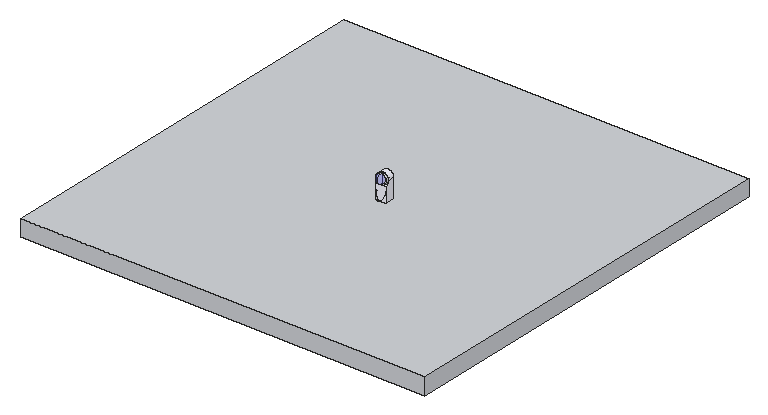
Revit family "LC + 280 types Avec hôte", category Dispositifs d'éclairage, Revit 2019
Family settings
  Hôte = Face
  Conserver l'orientation des annotations = Oui
  Cote de connecteur circulaire = Utiliser le diamètre
  Type d'élément = Normal
  Couper avec des vides une fois chargée = Non
  Partagée = Non
  Point de calcul de pièce = Non
Parameters (values of type "01- LC + 280 Générique")
  Zone de detection [instance] = no
  URL = "http://www.luxomat.com"
  Type de Sortie = ""
  Température ambiante = "-25°C à +50°C"
  Référence = ""
  Relais = ""
  Position en hauteur = Elévation par défaut  # 250 cm
  Portée frontale [instance] = 600 cm  # constant formula
  Portée de biais [instance] = 1600 cm  # constant formula
  Modèle = "LC + 280"
  Mode de pose = "Mural"
  Marque = "LUXOMAT"
  Image du type = MURAL.jpg
  IP = "44"
  Hauteur de montage max préconisée [instance] = Hauteur de montage max  # 300 cm
  Hauteur de montage max = 300 cm
  Fabricant = "B.E.G."
  Etiquette [instance] = yes
  Elévation par défaut = 250 cm
  Consommation = ""
  Commentaires du type = "DET.MOUV.280°/16M MURAL"
  Code d'assemblage = "D5010200"
  Classe = "II"
  Charge LED = ""
  Charge Cos ɸ =1 = ""
  Charge Cos ɸ =0.5 = ""
  Alimentation = "110-240 V AC"
Types (4, lengths in cm): name | Type de Sortie | Référence | Relais | Modèle | Consommation | Commentaires du type | Charge LED | Charge Cos ɸ =1 | Charge Cos ɸ =0.5 | Alimentation
  (no name) | "" | "" | "" | "LC + 280" | "" | "DET.MOUV.280°/16M MURAL" | "" | "" | "" | "110-240 V AC"
  01- LC + 280 Générique | "" | "" | "" | "LC + 280" | "" | "DET.MOUV.280°/16M MURAL" | "" | "" | "" | "110-240 V AC"
  02- LC + 280 réf 91008 | "TOR" | "91008" | "8.7 A" | "LC + 280" | "0,24 W" | "DET.MOUV.1 CONTACT.280°/16M MURAL" | "250 W" | "2000 W" | "1000 VA" | "110-240 V AC"
  03- LC + 280 DALISYS réf 93308 | "DALI Adressable" | "93308" | "0" | "LC + 280 DALISYS" | "7 mA" | "MULTI.CAPTEUR.MOUV.DALISYS.280°/16M MURAL" | "0" | "0" | "0" | "10 à 22 V DC par BUS DALI"
Reference planes (cm)
  plane 1 "Centre (avant/arrière)": y = 0
  plane 2: z = 0
  plane 3 "Centre (gauche/droite)": x = 0
Forms (cm)
  Extrusion 1, solid
    sketch origin (0, 0, 0) x (1, 0, 0) y (0, 1, 0)
      loop
        line (-121.92, 121.92) -> (-121.92, -121.92) -> (121.92, -121.92) -> (121.92, 121.92) -> (-121.92, 121.92)
    from 0 to -10
Dimensions and locks (cm)
  aligned and locked: plane 2 to Extrusion 1
  aligned and locked: level to Extrusion 1
  aligned and locked: plane 2 to nested 3
  aligned and locked: plane 3 "Centre (gauche/droite)" to nested 2
Nested families (cm)
  nested 1: "Famille1" at (0, -52.6659, 0) x (-1, 0, 0) z (0, 0, 1), modele <- "Modèle", visible <- "Etiquette", référence <- "Référence", type "Famille1"
    with référence "", modele "LC + 280"
  nested 2: "Symbole Mural 2D" at (0, 0, 0), type "Symbole Mural 2D"
  nested 3: "M3" at (0, -2.25, 11.5969), type "Standard"
  nested 4: "zone D" at (0, 0, 0) x (1, 0, 0) z (0, -1, 0), visible <- "Zone de detection", type "zone D"
Connectors (cm)
  electrical at (0, -0.6582, 0)
    settings: on nested 3, index 1, voltage 230 V, apparent load 0 VA, apparent load phase1 0 VA, apparent load phase2 0 VA, apparent load phase3 0 VA, power factor 1, load classification "Eclairage", number of poles 1, system type 31, power factor state 1, is connector primary yes, connector utility no, sub classification motor no, connector description ""
Definition of nested family "M3"
  Parameters (values of type "Standard")
    d78 = 14.8 cm
    d134 = 0 cm
    d131 = 14.8 cm
    Extrusion_Symmetric_1 = 7.4 cm
  Reference planes (cm)
    plane 1 "Centre (avant/arrière)": y = 0
    plane 2: z = 0
    plane 3 "Centre (gauche/droite)": x = 0
    plane 4: x = 0
    plane 5: z = 3.2031
    plane 6: z = -11.5969
    plane 7: z = 3.2031
    plane 8: x = 5.1
    plane 9: x = -5.1
    plane 10: y = 0
    plane 11: y = -7.4
    plane 12: y = 7.4
  Forms (cm)
    Revolve 1, solid
      sketch origin (0, 0, 0) x (0, -1, 0) y (0, 0, -1)
        loop
          line (0, 0) -> (2.75, 0)
          arc (2.75, 0) -> (1.9445, 1.9445) -> (0, 2.75) r 2.75
          line (0, 2.75) -> (0, 0)
        axis (0, 0) -> (2.75, 0)
      angle from 0 to 360
    Revolve 2, solid
      sketch origin (0, 0, 0) x (0, -1, 0) y (0, 0, -1)
        loop
          line (0, 0) -> (-1.5, 0) -> (-1.5, -2.9)
          arc (-1.5, -2.9) -> (-0.7682, -3.1409) -> (0, -3.2) r 3.2031
          line (0, -3.2) -> (0, 0)
        axis (0, 0) -> (-1.5, 0)
      angle from 0 to 360
    Extrusion 3, solid
      sketch origin (0, 0, -11.5969) x (-1, 0, 0) y (0, -1, 0)
        loop
          arc (-3.4, -4.6278) -> (0, -5.05) -> (3.4, -4.6278) r 13.9
          line (3.4, -4.6278) -> (3.4, 0.1722)
          arc (3.4, 0.1722) -> (0, 0.9523) -> (-3.4, 0.1722) r 7.8
          line (-3.4, 0.1722) -> (-3.4, -4.6278)
      from 0 to 14.8
    Extrusion 4, void
      sketch origin (0, 0, 0) x (0, -1, 0) y (0, 0, -1)
        loop
          line (-1.5, -4.0367) -> (2.4122, -4.0367) -> (2.2569, 11.5969) -> (0.9523, 11.5969) -> (0, 3.2974) -> (-1.5, 1.3072) -> (-1.5, -4.0367)
      from 5.1 to -5.1
    Extrusion 5, void
      sketch origin (0, 0, 0) x (-1, 0, 0) y (0, 0, 1)
        loop
          line (3.4, -0.3969) -> (4.5951, -0.3969) -> (4.5951, 5.2234) -> (-5.7787, 5.2234) -> (-5.7787, -0.3969) -> (-3.4, -0.3969)
          arc (-3.4, -0.3969) -> (0, 3.0031) -> (3.4, -0.3969) r 3.4
      from -7.4 to 7.4
  Cuts and joins
    Extrusion 4, Extrusion 5 cuts Extrusion 3
    joined: Revolve 2, Extrusion 3
  Lines and regions (cm)
    reference lines
      curve 1: line (0, 0, 0) -> (0, 0, -2.75)
      curve 2: arc (0, -2.75, 0) -> (0, -1.9445, -1.9445) -> (0, 0, -2.75) r 2.75
      curve 3: line (0, 0, 0) -> (0, -2.75, 0)
      curve 4: line (0, 0, 0) -> (0, 1.5, 0)
      curve 5: line (0, 1.5, 2.9) -> (0, 1.5, 0)
      curve 6: arc (0, 1.5, 2.9) -> (0, 0.7682, 3.1409) -> (0, 0, 3.2) r 3.2031
      curve 7: line (0, 0, 0) -> (0, 0, 3.2)
      curve 8: line (3.4, 4.6278, -11.5969) -> (3.4, -0.1722, -11.5969)
      curve 9: arc (-3.4, -0.1722, -11.5969) -> (0, -0.9523, -11.5969) -> (3.4, -0.1722, -11.5969) r 7.8
      curve 10: line (-3.4, -0.1722, -11.5969) -> (-3.4, 4.6278, -11.5969)
      curve 11: arc (3.4, 4.6278, -11.5969) -> (0, 5.05, -11.5969) -> (-3.4, 4.6278, -11.5969) r 13.9
      curve 12: line (0, 1.5, 4.0367) -> (0, 1.5, -1.3072)
      curve 13: line (0, 1.5, -1.3072) -> (0, 0, -3.2974)
      curve 14: line (0, 0, -3.2974) -> (0, -0.9523, -11.5969)
      curve 15: line (0, -2.2569, -11.5969) -> (0, -0.9523, -11.5969)
      curve 16: line (0, -2.4122, 4.0367) -> (0, -2.2569, -11.5969)
      curve 17: line (0, 1.5, 4.0367) -> (0, -2.4122, 4.0367)
      curve 18: arc (-3.4, 0, -0.3969) -> (0, 0, 3.0031) -> (3.4, 0, -0.3969) r 3.4
      curve 19: line (5.7787, 0, -0.3969) -> (3.4, 0, -0.3969)
      curve 20: line (5.7787, 0, 5.2234) -> (5.7787, 0, -0.3969)
      curve 21: line (-4.5951, 0, 5.2234) -> (5.7787, 0, 5.2234)
      curve 22: line (-4.5951, 0, -0.3969) -> (-4.5951, 0, 5.2234)
      curve 23: line (-3.4, 0, -0.3969) -> (-4.5951, 0, -0.3969)
  Dimensions and locks (cm)
    "d78": plane 6 to plane 5
    "d131": plane 6 to plane 7
    "Extrusion_Symmetric_1": plane 11 to plane 10
    "Extrusion_Symmetric_1": plane 10 to plane 12
    aligned and locked: level to plane 2
    aligned and locked: Revolve 1 sketch curve to curve 1
    aligned and locked: Revolve 1 sketch curve to curve 2
    aligned and locked: Revolve 1 sketch curve to curve 3  (x2)
    aligned and locked: Revolve 2 sketch curve to curve 4  (x2)
    aligned and locked: Revolve 2 sketch curve to curve 5
    aligned and locked: Revolve 2 sketch curve to curve 6
    aligned and locked: Revolve 2 sketch curve to curve 7
    aligned and locked: Extrusion 3 to plane 7
    aligned and locked: Extrusion 3 to plane 6
    aligned and locked: Extrusion 3 sketch curve to curve 8
    aligned and locked: Extrusion 3 sketch curve to curve 9
    aligned and locked: Extrusion 3 sketch curve to curve 10
    aligned and locked: Extrusion 3 sketch curve to curve 11
    aligned and locked: Extrusion 4 to plane 9
    aligned and locked: Extrusion 4 to plane 8
    aligned and locked: Extrusion 4 sketch curve to curve 12
    aligned and locked: Extrusion 4 sketch curve to curve 13
    aligned and locked: Extrusion 4 sketch curve to curve 14
    aligned and locked: Extrusion 4 sketch curve to curve 15
    aligned and locked: Extrusion 4 sketch curve to curve 16
    aligned and locked: Extrusion 4 sketch curve to curve 17
    aligned and locked: Extrusion 5 to plane 12
    aligned and locked: Extrusion 5 to plane 11
    aligned and locked: Extrusion 5 sketch curve to curve 18
    aligned and locked: Extrusion 5 sketch curve to curve 19
    aligned and locked: Extrusion 5 sketch curve to curve 20
    aligned and locked: Extrusion 5 sketch curve to curve 21
    aligned and locked: Extrusion 5 sketch curve to curve 22
    aligned and locked: Extrusion 5 sketch curve to curve 23
Definition of nested family "Famille1"
  Parameters (values of type "Famille1")
    référence [instance] = ""
    modele [instance] = ""
  Reference planes (cm)
    plane 1: y = 0
    plane 2: x = 0
  Text (cm)
    label "référence\nmodele" at (0.0074, -0.6424, 0), shows "référence", "modele"
Definition of nested family "Symbole Mural 2D"
  Reference planes (cm)
    plane 1: y = 0
    plane 2: x = 0
  Lines and regions (cm)
    Filled region 1, type "rouge"
      outline origin (0, 0, 0) x (1, 0, 0) y (0, 1, 0)
        loop
          circle (0, 0) r 0.0294
    detail lines
      curve 1: arc (-0.0294, 0, 0) -> (0, -0.0294, 0) -> (0.0294, 0, 0) r 0.0294
      curve 2: arc (0.0294, 0, 0) -> (0, 0.0294, 0) -> (-0.0294, 0, 0) r 0.0294
      curve 3: arc (0.102, 0.1767, 0) -> (0, 0.204, 0) -> (-0.102, 0.1767, 0) r 0.204
      curve 4: arc (0.081, 0.1403, 0) -> (0, 0.162, 0) -> (-0.081, 0.1403, 0) r 0.162
      curve 5: arc (0.06, 0.1039, 0) -> (0, 0.12, 0) -> (-0.06, 0.1039, 0) r 0.12
Definition of nested family "zone D"
  Parameters (values of type "zone D")
    frontale [instance] = 600 cm
    biais [instance] = 1000 cm
  Reference planes (cm)
    plane 1 "Centre (avant/arrière)": y = 0
    plane 2: z = 0
    plane 3 "Centre (gauche/droite)": x = 0
    plane 4: y = 600
    plane 5: y = 200
    plane 6: y = 1600
    plane 7: x = -1000
    plane 8: x = 1000
    plane 9: through (0, 0, 400) normal (0.766, -0.6428, 0)
    plane 10: through (0, 0, 400) normal (0.766, 0.6428, 0)
  Lines and regions (cm)
    detail lines, in view "Niveau de réf."
      curve 1: spline (-801.9797, -955.7621, 0) -> (-963.3172, -429.3849, 0) -> (-995.3183, 154.6423, 0) -> (-893.6866, 717.9069, 0) -> (-672.0672, 1184.7843, 0) -> (-360.2151, 1492.5908, 0) -> (0, 1600, 0) -> (360.2151, 1492.5908, 0) -> (672.0672, 1184.7843, 0) -> (893.6866, 717.9069, 0) -> (995.3183, 154.6423, 0) -> (963.3172, -429.3849, 0) -> (801.9797, -955.7621, 0)
      curve 2: arc (385.6726, -459.6267, 0) -> (0, 600, 0) -> (-385.6726, -459.6267, 0) r 600
      curve 3: line (0, 0, 0) -> (-801.9797, -955.7621, 0)
      curve 4: line (0, 0, 0) -> (801.9797, -955.7621, 0)
      curve 5: line (0, 440.875, 0) -> (0, 357.93, 0)
      curve 6: line (0, 357.93, 0) -> (22.1638, 386.2984, 0)
      curve 7: line (0, 357.93, 0) -> (-22.1638, 386.2984, 0)
      curve 11: line (-768.7631, 386.6151, 0) -> (-685.818, 386.6151, 0)
      curve 12: line (-685.818, 386.6151, 0) -> (-714.1864, 408.7789, 0)
      curve 13: line (-685.818, 386.6151, 0) -> (-714.1864, 364.4513, 0)
    detail lines, in view "Niveau de réf.", not visible
      curve 8: line (1028.0656, -276.777, 0) -> (1028.0656, -193.8319, 0)
      curve 9: line (1028.0656, -193.8319, 0) -> (1005.9018, -222.2003, 0)
      curve 10: line (1028.0656, -193.8319, 0) -> (1050.2294, -222.2003, 0)
      curve 14: line (627.9563, -64.2769, 0) -> (628.0656, 18.6681, 0)
      curve 15: line (628.0656, 18.6681, 0) -> (605.8644, -9.6711, 0)
      curve 16: line (628.0656, 18.6681, 0) -> (650.192, -9.7295, 0)
